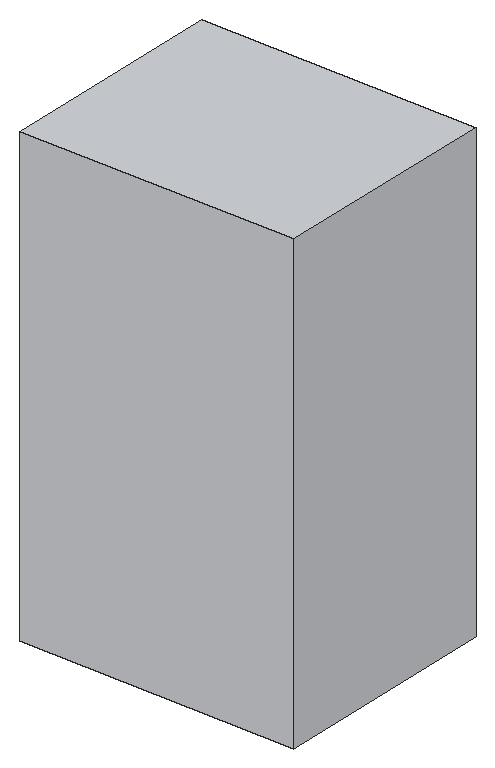
Revit family "PLB_Pompe-bouclage-ECS_Wilo-IPL", category Equipement de génie climatique, Revit 2026
Family settings
  Cote de connecteur circulaire = Utiliser le diamètre
  Type d'élément = Normal
  Basée sur le plan de construction = Non
  Toujours verticalement = Oui
  Couper avec des vides une fois chargée = Non
  Conserver l'orientation des annotations = Non
  Partagée = Non
  Repère de localisation dans la pièce = Non
Parameters (values of type "IPL / SXS")
  Source = "CCTP lot 12 § 9.4"
  Modèle = "IPL / SXS"
  Fabricant = "Wilo / Salmson"
  Elévation par défaut = 0 mm
  Description = "Pompe de bouclage ECS"
  Caractéristiques CCTP = "Double in-line ECS, 1 en secours, permutation automatique"
  A vérifier = "Dimensions approximatives"
Reference planes
  plane 1 "Centre (avant/arrière)": y = 0
  plane 2: z = 0
  plane 3 "Centre (gauche/droite)": x = 0
Forms (mm)
  Extrusion 1, solid
    sketch origin (0, 0, 0) x (1, 0, 0) y (0, 1, 0)
      loop
        line (-150, -125) -> (150, -125) -> (150, 125) -> (-150, 125) -> (-150, -125)
    from 0 to 500
  Extrusion 2, solid
    sketch origin (0, 0, 500) x (1, 0, 0) y (0, 1, 0)
      loop
        circle (-100, 0) r 20
    from 0 to 60
  Extrusion 3, solid
    sketch origin (0, 0, 500) x (1, 0, 0) y (0, 1, 0)
      loop
        circle (100, 0) r 20
    from 0 to 60
Dimensions and locks
  aligned and locked: level to plane 2
Connectors
  piping at (-100, 0, 560), diameter 40
    settings: on Extrusion 2, index 1, connector inside diameter 609.6 mm, connector length 0 mm, flow factor 0, pipe flow 0.0 L/s, pressure drop 0.0 Pa, fitting loss kfactor 0, connector angle 0.00°, fixture units 0, engagement length 0 mm, angle of deflection 0.00°, flow configuration 0, flow direction 0, fitting loss method 0, system type 19, joint type 0, gender type 0, connector reference index -1, connector utility 0, adjustable connector no, is connector primary yes, connector description "Aspiration"
  piping at (100, 0, 560), diameter 40
    settings: on Extrusion 3, index 2, connector inside diameter 609.6 mm, connector length 0 mm, flow factor 0, pipe flow 0.0 L/s, pressure drop 0.0 Pa, fitting loss kfactor 0, connector angle 0.00°, fixture units 0, engagement length 0 mm, angle of deflection 0.00°, flow configuration 0, flow direction 0, fitting loss method 0, system type 19, joint type 0, gender type 0, connector reference index -1, connector utility 0, adjustable connector no, is connector primary no, connector description "Refoulement"
